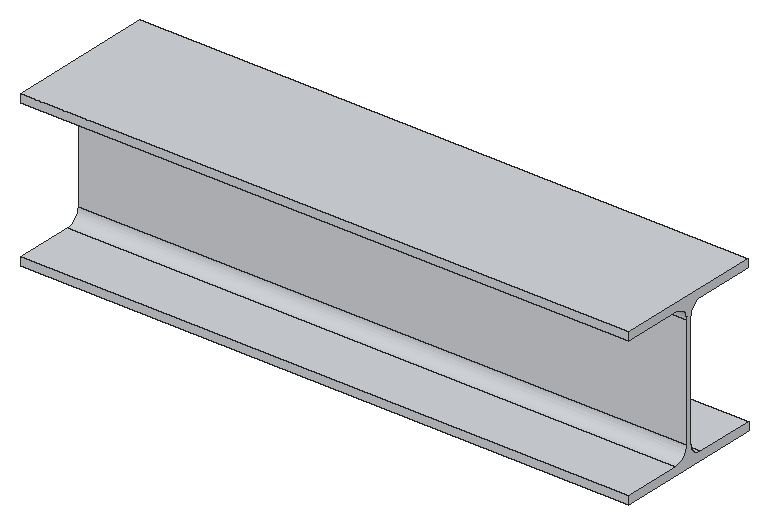
Revit family "StructuralFraming_IProfile", category Structural Framing, Revit 2018
Family settings
  Structural Framing Length Roundoff = 1 mm
  Section Shape = I-shape Parallel Flange
  Material for Model Behavior = Steel
  Always export as geometry = No
  Always vertical = Yes
  Cut with Voids When Loaded = No
  Symbolic Representation = From Project Settings
  Shared = No
  Show family pre-cut in plan views = Yes
Parameters (values of type "IProfile")
  Width = 300 mm
  Web Toe of Fillet = 0 mm
  Web Thickness = 9 mm
  Web Fillet = 27 mm
  Warping Constant = (empty or 0)
  Torsional Moment of Inertia = 0 cm⁴
  Torsional Modulus = 0 cm³
  Structural Material [instance] = none
  Shear Area weak axis = 0.0 cm²
  Shear Area strong axis = 0.0 cm²
  Section Area = 0.0 cm²
  Principal Axes Angle = 0.00°
  Plastic Modulus weak axis = 0 cm³
  Plastic Modulus strong axis = 0 cm³
  Perimeter = (empty or 0)
  Nominal Weight = 0 N/m
  Moment of Inertia weak axis = 0 cm⁴
  Moment of Inertia strong axis = 0 cm⁴
  Height = 310 mm
  Flange Toe of Fillet = 0 mm
  Flange Thickness = 16 mm
  Elastic Modulus weak axis = 0 cm³
  Elastic Modulus strong axis = 0 cm³
  Clear Web Height = 0 mm
  Centroid Vertical = 0 mm
  Centroid Horizontal = 0 mm
  Bolt Spacing = 0 mm
  built-in parameter 1005539 = (empty or 0)
  Assembly Code = ""
  Length [instance] = 1500 mm
Reference planes
  plane 1 "Center (Front/Back)": y = 0
  plane 2: z = 0
  plane 3 "Center (Left/Right)": x = 4.61
  plane 4 "Member Left": x = -604.99
  plane 5 "Member Right": x = 614.21
  plane 6: y = 150
  plane 7: y = -150
  plane 8 "Top": z = 155
  plane 9: z = -155
  plane 10 "Right": x = 766.61
  plane 11 "Left": x = -733.39
Forms (mm)
  Sweep 1, solid, material <- "Structural Material", detail levels fine
    path origin (0, 0, 0) x (1, 0, 0) y (0, 1, 0)
      loop
        line (614.21, 0) -> (-604.99, 0)
    profile "IProfile-Fine : IProfile-Fine" origin (4.61, 0, 0) x (0, -1, 0) y (0, 0, 1)
      loop
        line (-150, -155) -> (150, -155) -> (150, -139) -> (31.5, -139)
        arc (31.5, -139) -> (12.408, -131.092) -> (4.5, -112) r 27
        line (4.5, -112) -> (4.5, 112)
        arc (4.5, 112) -> (12.408, 131.092) -> (31.5, 139) r 27
        line (31.5, 139) -> (150, 139) -> (150, 155) -> (-150, 155) -> (-150, 139) -> (-31.5, 139)
        arc (-31.5, 139) -> (-12.408, 131.092) -> (-4.5, 112) r 27
        line (-4.5, 112) -> (-4.5, -112)
        arc (-4.5, -112) -> (-12.408, -131.092) -> (-31.5, -139) r 27
        line (-31.5, -139) -> (-150, -139) -> (-150, -155)
  Sweep 2, solid, material <- "Structural Material", detail levels medium
    path origin (0, 0, 0) x (1, 0, 0) y (0, 1, 0)
      loop
        line (614.21, 0) -> (-604.99, 0)
    profile "IProfile-Medium : IProfile-Medium" origin (4.61, 0, 0) x (0, -1, 0) y (0, 0, 1)
      loop
        line (-150, -155) -> (150, -155) -> (150, -139) -> (4.5, -139) -> (4.5, 139) -> (150, 139) -> (150, 155) -> (-150, 155) -> (-150, 139) -> (-4.5, 139) -> (-4.5, -139) -> (-150, -139) -> (-150, -155)
Lines and regions (mm)
  symbolic lines, style "Hidden Faces", detail levels medium+fine
    curve 1: line (614.21, -6.5, 0) -> (-604.99, -6.5, 0)
    curve 2: line (614.21, 6.5, 0) -> (-604.99, 6.5, 0)
  symbolic lines, style "Stick Symbols", detail levels coarse
    curve 3: line (4.61, 150, 155) -> (4.61, -150, 155)
    curve 4: line (4.61, -150, -155) -> (4.61, 150, -155)
    curve 5: line (4.61, 0, -155) -> (4.61, 0, 155)
Dimensions and locks
  plane 6 to plane 7 = 300 mm
  plane 9 to plane 8 "Top" = 310 mm
  equal spacing: plane 9, plane 2, plane 8 "Top"
  equal spacing: plane 6, plane 1 "Center (Front/Back)", plane 7
  "Length": plane 11 "Left" to plane 10 "Right"
  aligned and locked: Sweep 1 sketch curve to plane 1 "Center (Front/Back)"
  aligned and locked: Sweep 2 sketch curve to plane 1 "Center (Front/Back)"
  aligned and locked: Sweep 2 to curve 3  (x2)
  aligned and locked: Sweep 2 to curve 4  (x2)
  aligned and locked: curve 3 to Sweep 2
  aligned and locked: curve 4 to Sweep 2
  aligned and locked: plane 4 "Member Left" to Sweep 1 sketch curve
  aligned and locked: plane 5 "Member Right" to Sweep 1 sketch curve
  aligned and locked: plane 4 "Member Left" to Sweep 2 sketch curve
  aligned and locked: plane 5 "Member Right" to Sweep 2 sketch curve
  aligned and locked: plane 4 "Member Left" to curve 1
  aligned and locked: plane 5 "Member Right" to curve 1
  aligned and locked: plane 4 "Member Left" to curve 2
  aligned and locked: plane 5 "Member Right" to curve 2
Automatic sketch dimensions
  plane 1 "Center (Front/Back)" to curve 1 = 6.5 mm
  curve 2 to plane 1 "Center (Front/Back)" = 6.5 mm
  curve 5 to plane 1 "Center (Front/Back)" = 0 mm
